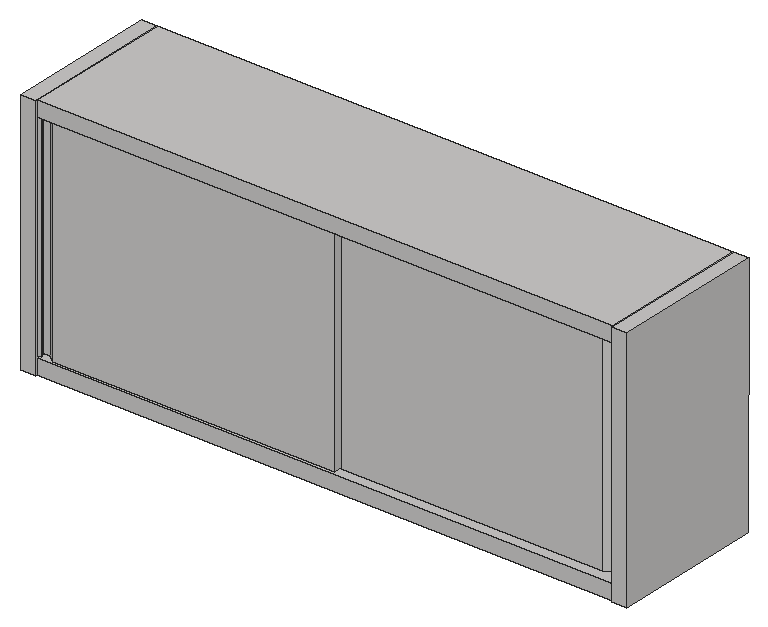
Revit family "QF_ELECTROLUXPROFESSIONAL_132924_SPS16LCN", category Attrezzature speciali, Revit 2020
Family settings
  Quota connettore circolare = Usa diametro
  Tipo di parte = Normale
  Basato su piano di lavoro = No
  Sempre verticale = Sì
  Taglio con vuoti quando caricato = No
  Condiviso = No
  Punto di calcolo locali = No
Parameters (values of type "Standard")
  Weight = 31.00 kg
  Watts = 0 W
  Volts = 0 V
  URL Manufacturer = "https://www.electroluxprofessional.com/"
  URL = "https://www.electroluxprofessional.com/"
  Steam Supply Size = 0 mm
  Steam Supply Minimum Pressure = 0.0 Pa
  Steam Supply Maximum Pressure = 0.0 Pa
  Steam Consumption per Hour = 0
  Refrigeration Suction Line Size = 0.0 mm
  Refrigeration Liquid Line Size = 0.0 mm
  Refrigerant Compressor Remote = yes
  Prospetto di default = 0.0 mm
  Phase = 0
  Modello = "SPS16LCN"
  Produttore = "Electrolux Professional"
  Length Actual = 1600.0 mm  # constant formula
  Item Number = "132924"
  Hot Water Size = 0 mm
  Height Actual = 650.0 mm  # constant formula
  HP = "0 HP"
  Gas Size = 0 mm
  Gas KW = 0
  Gas Input Pressure = 0 W
  Direct Waste Size = 0 mm
  Descrizione = "WALL CUPBOARD W/2 SLIDING DOORS 1600MM"
  Depth Actual = 400.0 mm  # constant formula
  Cycle = 0 Hz
  Condensate Return Size = 0 mm
  Compressed Air Volume = 0.0 L/s
  Compressed Air Size = 0 mm
  Compressed Air Pressure = 0.0 Pa
  Cold Water Size = 0 mm
  Accessory = yes
Reference planes
  plane 1 "Center (Front/Back)": y = 0
  plane 2: z = 0
  plane 3 "Center (Left/Right)": x = -300
  plane 4 "LEFT": x = -1100
  plane 5 "RIGHT": x = 500
  plane 6 "BACK": y = 200
  plane 7 "FRONT": y = -200
  plane 8 "Base": z = 2200
  plane 9 "BASE": z = 1550
  plane 10: x = -1060
  plane 11: x = 460
  plane 12: y = -197
  plane 13: y = 150
Forms (mm)
  Extrusion 1, solid, material "QF_Finishes_Stainless Steel"
    sketch origin (0, 0, 1550) x (-1, 0, 0) y (0, -1, 0)
      loop
        line (1100, -200) -> (1100, 200) -> (1060, 200) -> (1060, -200) -> (1100, -200)
      loop
        line (-460, -200) -> (-460, 200) -> (-500, 200) -> (-500, -200) -> (-460, -200)
    from 0 to 650
  Extrusion 2, solid, material "QF_Finishes_Stainless Steel"
    sketch origin (0, 0, 1550) x (-1, 0, 0) y (0, -1, 0)
      loop
        line (1060, -150) -> (1060, 197) -> (-460, 197) -> (-460, -150) -> (1060, -150)
    from 0 to 40
  Extrusion 3, solid, material "QF_Finishes_Stainless Steel"
    sketch origin (0, 0, 0) x (1, 0, 0) y (0, 1, 0)
      loop
        line (-1060, -197) -> (460, -197) -> (460, 200) -> (-1060, 200) -> (-1060, -197)
    from 2160 to 2200
  Extrusion 4, solid, material "QF_Finishes_Stainless Steel"
    sketch origin (0, 0, 1550) x (-1, 0, 0) y (0, -1, 0)
      loop
        line (1060, -200) -> (1060, -150) -> (-460, -150) -> (-460, -200) -> (1060, -200)
    from 610 to 0
  Extrusion 5, solid, material "QF_Finishes_Stainless Steel"
    sketch origin (0, 0, 0) x (1, 0, 0) y (0, 1, 0)
      loop
        line (-273.481, -197) -> (-273.481, -177) -> (-1057, -177) -> (-1057, -197) -> (-1047, -197) -> (-1047, -194) -> (-1054, -194) -> (-1054, -182) -> (-1037, -182) -> (-1017, -197) -> (-273.481, -197)
    from 1597 to 2160
  Extrusion 6, solid, material "QF_Finishes_Stainless Steel"
    sketch origin (0, 0, 0) x (1, 0, 0) y (0, 1, 0)
      loop
        line (-326.5, -177) -> (417, -177) -> (437, -162) -> (454, -162) -> (454, -174) -> (447, -174) -> (447, -177) -> (457, -177) -> (457, -157) -> (-326.5, -157) -> (-326.5, -177)
    from 2160 to 1597
Lines and regions (mm)
  symbolic lines, style "SpecialityEquipment"
    curve 1: line (500, 200, 0) -> (-1100, 200, 0)
    curve 2: line (500, -200, 0) -> (500, 200, 0)
    curve 3: line (-1100, -204.5, 0) -> (-1100, 200, 0)
    curve 4: line (-1100, -200, 0) -> (-1062, -200, 0)
    curve 5: line (462, -200, 0) -> (500, -200, 0)
    curve 7: line (462, -197, 0) -> (-1062, -197, 0)
    curve 12: line (-1014.985, -211.008, 0) -> (-1014.038, -209.239, 0)
  symbolic lines, style "SpecialityEquipmentHiddenLines"
    curve 6: line (462, -200, 0) -> (462, -197, 0)
    curve 8: line (-1062, -197, 0) -> (-1062, -200, 0)
    curve 9: line (460, -157, 0) -> (-326.5, -157, 0)
    curve 10: line (-326.5, -157, 0) -> (-326.5, -179.25, 0)
    curve 11: line (417, -179.25, 0) -> (-1057, -179.25, 0)
    curve 13: line (-273.5, -179.25, 0) -> (-273.5, -197, 0)
    curve 14: line (-1057, -179.25, 0) -> (-1057, -184.25, 0)
    curve 15: line (-1037, -184.25, 0) -> (-1054, -184.25, 0)
  symbolic lines
    curve 16: line (-1100, 200, 0) -> (500, -200, 0)
    curve 17: line (500, 200, 0) -> (-1100, -200, 0)
    curve 18: line (-1037, -184.25, 0) -> (-1017, -197, 0)
    curve 19: line (-1054, -184.25, 0) -> (-1054, -194, 0)
    curve 20: line (-1054, -194, 0) -> (-1047, -194, 0)
    curve 21: line (-1047, -194, 0) -> (-1047, -197, 0)
    curve 22: line (457, -157, 0) -> (457, -177, 0)
    curve 23: line (457, -177, 0) -> (447, -177, 0)
    curve 24: line (447, -177, 0) -> (447, -174, 0)
    curve 25: line (447, -174, 0) -> (454, -174, 0)
    curve 26: line (454, -174, 0) -> (454, -162, 0)
    curve 27: line (454, -162, 0) -> (437, -162, 0)
    curve 28: line (417, -179.25, 0) -> (437, -162, 0)
Dimensions and locks
  plane 4 "LEFT" to plane 5 "RIGHT" = 1600.0 mm
  equal spacing: plane 4 "LEFT", plane 3 "Center (Left/Right)", plane 5 "RIGHT"
  plane 6 "BACK" to plane 7 "FRONT" = 400.0 mm
  equal spacing: plane 6 "BACK", plane 1 "Center (Front/Back)", plane 7 "FRONT"
  plane 9 "BASE" to level = 1550.0 mm
  locked: plane 4 "LEFT" to plane 10 at 40
  locked: plane 11 to plane 5 "RIGHT" at 40
  plane 12 to plane 7 "FRONT" = 3.0 mm
  plane 6 "BACK" to plane 13 = 50.0 mm
  locked: plane 8 "Base" to plane 9 "BASE" at 650
  aligned and locked: level to plane 2
  aligned and locked: plane 8 "Base" to Extrusion 1
  aligned and locked: plane 6 "BACK" to Extrusion 1 sketch curve
  aligned and locked: Extrusion 1 sketch curve to plane 6 "BACK"
  aligned and locked: plane 7 "FRONT" to Extrusion 1 sketch curve
  aligned and locked: Extrusion 1 sketch curve to plane 7 "FRONT"
  aligned and locked: plane 10 to Extrusion 1
  aligned and locked: Extrusion 1 to plane 11
  aligned and locked: Extrusion 2 to plane 10
  aligned and locked: plane 11 to Extrusion 2
  aligned and locked: plane 8 "Base" to Extrusion 3
  aligned and locked: Extrusion 2 to plane 12
  aligned and locked: Extrusion 2 to plane 13
  aligned and locked: Extrusion 3 to plane 12
  aligned and locked: plane 10 to Extrusion 4 sketch curve
  aligned and locked: Extrusion 4 sketch curve to plane 11
  aligned and locked: Extrusion 4 sketch curve to plane 6 "BACK"
  aligned and locked: Extrusion 4 sketch curve to plane 13
  aligned and locked: Extrusion 4 to Extrusion 3
  aligned and locked: Extrusion 4 to plane 9 "BASE"
  aligned and locked: plane 6 "BACK" to Extrusion 3
Automatic sketch dimensions
  Extrusion 1 sketch curve to plane 5 "RIGHT" = 0.0 mm
  Extrusion 1 sketch curve to plane 11 = 0.0 mm
  Extrusion 1 sketch curve to plane 10 = 0.0 mm
  Extrusion 1 sketch curve to plane 4 "LEFT" = 0.0 mm
  Extrusion 2 sketch curve to plane 11 = 0.0 mm
  Extrusion 2 sketch curve to plane 10 = 0.0 mm
  plane 13 to Extrusion 2 sketch curve = 0.0 mm
  Extrusion 2 sketch curve to plane 12 = 0.0 mm
  Extrusion 3 sketch curve to plane 6 "BACK" = 0.0 mm
  Extrusion 3 sketch curve to plane 10 = 0.0 mm
  Extrusion 3 sketch curve to plane 11 = 0.0 mm
  Extrusion 3 sketch curve to plane 12 = 0.0 mm
  Extrusion 5 sketch curve to plane 12 = 0.0 mm  (x2)
  plane 10 to Extrusion 5 sketch curve = 3.0 mm
  Extrusion 5 sketch curve to Extrusion 5 sketch curve = 3.0 mm
  Extrusion 5 sketch curve to Extrusion 5 sketch curve = 7.0 mm
  Extrusion 5 sketch curve to Extrusion 5 sketch curve = 10.0 mm
  plane 3 "Center (Left/Right)" to Extrusion 5 sketch curve = 26.519 mm
  plane 12 to Extrusion 5 sketch curve = 3.0 mm
  Extrusion 5 sketch curve to Extrusion 5 sketch curve = 12.0 mm
  Extrusion 5 sketch curve to Extrusion 5 sketch curve = 20.0 mm  (x2)
  Extrusion 5 sketch curve to Extrusion 5 sketch curve = 0.0 mm
  Extrusion 6 sketch curve to plane 3 "Center (Left/Right)" = 26.5 mm
  plane 12 to Extrusion 6 sketch curve = 20.0 mm  (x2)
  Extrusion 6 sketch curve to plane 11 = 43.0 mm
  Extrusion 6 sketch curve to plane 11 = 23.0 mm
  Extrusion 6 sketch curve to plane 11 = 13.0 mm
  Extrusion 6 sketch curve to plane 11 = 6.0 mm
  Extrusion 6 sketch curve to plane 11 = 3.0 mm
  Extrusion 6 sketch curve to Extrusion 6 sketch curve = 3.0 mm
  Extrusion 6 sketch curve to Extrusion 6 sketch curve = 12.0 mm
  Extrusion 6 sketch curve to Extrusion 6 sketch curve = 20.0 mm
  curve 1 to plane 4 "LEFT" = 0.0 mm
  curve 4 to plane 7 "FRONT" = 0.0 mm
  curve 9 to plane 11 = 0.0 mm
  curve 6 to plane 12 = 0.0 mm
  curve 2 to plane 5 "RIGHT" = 0.0 mm
  curve 16 to plane 7 "FRONT" = 0.0 mm
  curve 17 to plane 7 "FRONT" = 0.0 mm
  curve 17 to plane 6 "BACK" = 0.0 mm
  curve 8 to plane 10 = 2.0 mm
  plane 10 to curve 11 = 3.0 mm
  plane 10 to curve 19 = 6.0 mm
  plane 12 to curve 20 = 3.0 mm
  curve 19 to curve 20 = 7.0 mm
  curve 20 to curve 15 = 10.0 mm
  curve 18 to curve 15 = 0.0 mm
  curve 15 to curve 18 = 20.0 mm
  curve 12 to plane 7 "FRONT" = 11.008 mm
  curve 18 to curve 12 = 2.015 mm
  curve 12 to plane 7 "FRONT" = 9.239 mm
  curve 12 to curve 12 = 0.948 mm
  curve 10 to plane 3 "Center (Left/Right)" = 26.5 mm
  plane 3 "Center (Left/Right)" to curve 13 = 26.5 mm
  curve 28 to plane 11 = 43.0 mm
  curve 28 to plane 11 = 23.0 mm
  curve 24 to plane 11 = 13.0 mm
  curve 25 to plane 11 = 6.0 mm
  curve 22 to curve 9 = 3.0 mm
  plane 11 to curve 5 = 2.0 mm
  curve 3 to curve 17 = 4.5 mm
  curve 14 to curve 15 = 0.0 mm
  plane 12 to curve 23 = 20.0 mm
  curve 14 to curve 14 = 5.0 mm
  curve 23 to curve 24 = 3.0 mm
  curve 25 to curve 27 = 12.0 mm
  curve 26 to curve 22 = 5.0 mm
